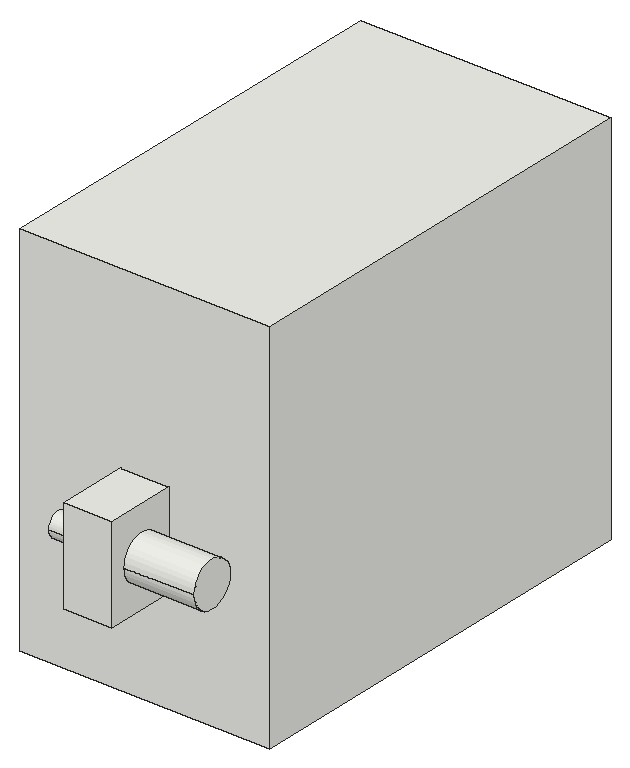
Revit family
Parameters (values of type "535 x 910 x 810mm")
  Material Boiler = Metal - Paint Finish - Ivory, Glossy
  Keynote = "T"
  Depth = 915.00 mm
  Height = 810.00 mm
  Width = 535.00 mm
Reference planes
  plane 1 "Center (Front/Back)": y = 0
  plane 2: z = 0
  plane 3 "Center (Left/Right)": x = 0
  plane 4: x = -267.5
  plane 5: x = 267.5
  plane 6: y = 457.5
  plane 7: y = -457.5
  plane 8: z = 810
  plane 9: y = -482.9
  plane 10: x = -50.8
  plane 11: x = 50.8
  plane 12: y = -613.607
  plane 13: y = -530.916
  plane 14: y = -505.516
  plane 15: z = 325.02
  plane 16: z = 426.62
  plane 17: z = 223.42
  plane 18: y = -578.631
  plane 19: y = -556.016
Forms (mm)
  Extrusion 1, solid, material "Metal - Paint Finish - Ivory, Glossy" <- "Material Boiler"
    sketch origin (0, 0, 0) x (1, 0, 0) y (0, 1, 0)
      loop
        line (-267.5, -457.5) -> (267.5, -457.5) -> (267.5, 457.5) -> (-267.5, 457.5) -> (-267.5, -457.5)
    from 0 to 810
  Extrusion 2, solid, material "Metal - Paint Finish - Ivory, Glossy" <- "Material Boiler"
    sketch origin (-50.8, -562.507, 426.62) x (0, 1, 0) y (0, 0, -1)
      loop
        circle (31.591, 101.6) r 25.4
    from 0 to 76.2
  Extrusion 3, solid, material "Metal - Paint Finish - Ivory, Glossy" <- "Material Boiler"
    sketch origin (50.8, -562.507, 223.42) x (0, 1, 0) y (0, 0, 1)
      loop
        circle (31.591, 101.6) r 48.016
    from 0 to 152.4
  Extrusion 4, solid, material "Metal - Paint Finish - Ivory, Glossy" <- "Material Boiler"
    sketch origin (-267.5, -457.5, 810) x (0, 0, -1) y (1, 0, 0)
      loop
        line (586.58, 216.7) -> (586.58, 318.3) -> (383.38, 318.3) -> (383.38, 216.7) -> (586.58, 216.7)
    from 0 to 152.4
Lines and regions (mm)
  symbolic lines
    curve 1: line (-267.5, -457.5, 0) -> (267.5, -457.5, 0)
    curve 2: line (-267.5, 457.5, 0) -> (-267.5, -457.5, 0)
    curve 3: line (267.5, 457.5, 0) -> (-267.5, 457.5, 0)
    curve 4: line (267.5, -457.5, 0) -> (267.5, 457.5, 0)
    curve 10: arc (63.5, 0, 0) -> (0, 63.5, 0) -> (-63.5, 0, 0) r 63.5
    curve 11: arc (-63.5, 0, 0) -> (0, -63.5, 0) -> (63.5, 0, 0) r 63.5
    curve 14: line (-50.8, -609.9, 0) -> (50.8, -609.9, 0)
    curve 15: line (-50.8, -457.5, 0) -> (-50.8, -609.9, 0)
    curve 16: line (50.8, -457.5, 0) -> (-50.8, -457.5, 0)
    curve 17: line (50.8, -609.9, 0) -> (50.8, -457.5, 0)
    curve 18: line (50.8, -578.631, 0) -> (203.2, -578.631, 0)
    curve 19: line (50.8, -482.9, 0) -> (50.8, -578.631, 0)
    curve 20: line (203.2, -482.9, 0) -> (50.8, -482.9, 0)
    curve 21: line (203.2, -578.631, 0) -> (203.2, -482.9, 0)
    curve 22: line (-50.8, -556.016, 0) -> (-127, -556.016, 0)
    curve 23: line (-50.8, -505.516, 0) -> (-50.8, -556.016, 0)
    curve 24: line (-127, -505.516, 0) -> (-50.8, -505.516, 0)
    curve 25: line (-127, -556.016, 0) -> (-127, -505.516, 0)
  model lines
    curve 5: line (-229.4, -457.5, 771.9) -> (229.4, -457.5, 771.9)
    curve 6: line (-229.4, -457.5, 480.361) -> (-229.4, -457.5, 771.9)
    curve 7: line (229.4, -457.5, 480.361) -> (-229.4, -457.5, 480.361)
    curve 8: line (229.4, -457.5, 771.9) -> (229.4, -457.5, 480.361)
    curve 9: line (229.4, -457.5, 68.058) -> (-229.4, -457.5, 68.058)
    curve 12: line (-229.4, -457.5, 68.058) -> (-229.4, -457.5, 0)
    curve 13: line (229.4, -457.5, 68.058) -> (229.4, -457.5, 0)
Dimensions and locks
  "Height": plane 8 to plane 2
  "Depth": plane 7 to plane 6
  equal spacing: plane 7, plane 1 "Center (Front/Back)", plane 6
  equal spacing: plane 4, plane 3 "Center (Left/Right)", plane 5
  "Width": plane 4 to plane 5
  plane 10 to plane 11 = 101.60 mm
  equal spacing: plane 10, plane 3 "Center (Left/Right)", plane 11, locked at 50.8 each
  locked: Extrusion 2 to plane 10 at 76.2
  locked: plane 11 to Extrusion 3 at 152.4
  locked: plane 7 to plane 13 at 73.416
  locked: plane 12 to plane 7 at 156.107
  locked: plane 15 to plane 2 at 325.02
  locked: plane 16 to plane 2 at 426.62
  locked: plane 8 to curve 5 at 38.1
  locked: curve 7 to plane 2 at 480.361
  locked: curve 9 to plane 2 at 68.058
  locked: plane 14 to plane 13 at 25.4
  locked: plane 13 to plane 9 at 48.016
  aligned and locked: plane 5 to curve 4
  aligned and locked: curve 2 to Extrusion 1 sketch curve
  aligned and locked: Extrusion 1 sketch curve to curve 1
  aligned and locked: Extrusion 1 sketch curve to curve 3
  aligned and locked: Extrusion 1 sketch curve to curve 4
  aligned and locked: plane 8 to Extrusion 1
  aligned and locked: plane 10 to Extrusion 2
  aligned and locked: Extrusion 3 to plane 11
  aligned and locked: plane 10 to Extrusion 4 sketch curve
  aligned and locked: Extrusion 4 sketch curve to plane 17
  aligned and locked: plane 16 to Extrusion 4 sketch curve
  aligned and locked: plane 11 to Extrusion 4 sketch curve
  aligned and locked: curve 25 to Extrusion 2
  aligned and locked: Extrusion 3 to curve 21
Automatic sketch dimensions
  curve 13 to level = 0.00 mm
  curve 12 to level = 0.00 mm
  curve 9 to plane 5 = 38.10 mm
  curve 8 to plane 5 = 38.10 mm
  plane 4 to curve 5 = 38.10 mm
  plane 4 to curve 12 = 38.10 mm
  Extrusion 2 sketch curve to plane 15 = 0.00 mm
  Extrusion 2 sketch curve to plane 13 = 0.00 mm
  Extrusion 3 sketch curve to plane 15 = 0.00 mm
  Extrusion 3 sketch curve to plane 13 = 0.00 mm
  Extrusion 3 sketch curve to plane 9 = 0.00 mm
  Extrusion 2 sketch curve to Extrusion 2 sketch curve = 25.40 mm
  curve 3 to plane 4 = 0.00 mm
  curve 10 to plane 1 "Center (Front/Back)" = 0.00 mm
  curve 16 to plane 7 = 0.00 mm
  curve 16 to plane 10 = 0.00 mm
  curve 24 to plane 10 = 0.00 mm
  curve 11 to plane 3 "Center (Left/Right)" = 0.00 mm
  curve 17 to plane 11 = 0.00 mm
  curve 18 to plane 11 = 0.00 mm
  curve 20 to plane 9 = 0.00 mm
  curve 21 to plane 18 = 0.00 mm
  curve 23 to plane 19 = 0.00 mm
  curve 24 to plane 14 = 0.00 mm
  curve 4 to plane 7 = 0.00 mm
  curve 3 to plane 6 = 0.00 mm
  curve 10 to plane 10 = 12.70 mm
  curve 14 to plane 12 = 3.707 mm
